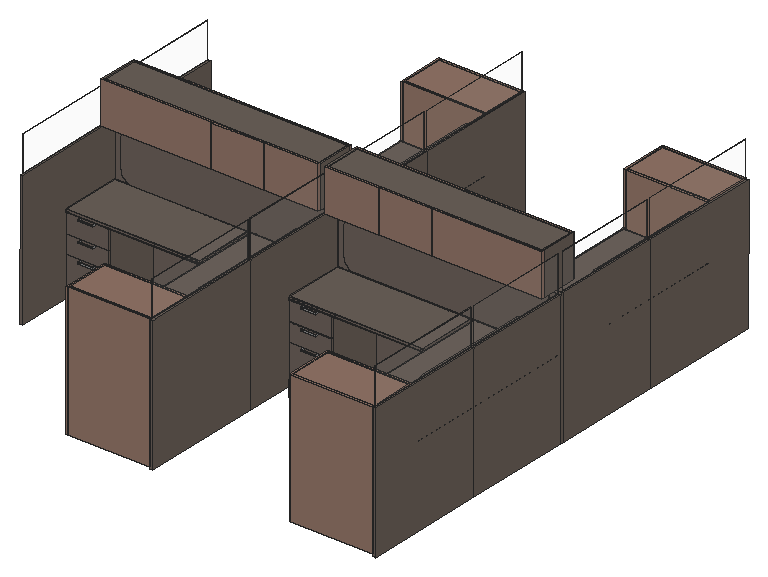
Revit family "OFS TYPICAL S200150", category Furniture, Revit 2022
Family settings
  OmniClass Number = 23.40.20.00
  OmniClass Title = General Furniture and Specialties
  Work Plane-Based = No
  Always vertical = Yes
  Cut with Voids When Loaded = No
  Render Appearance Source = Family Geometry
  Shared = No
  Room Calculation Point = No
Parameters (values of type "S200150")
  URL = "http://ofs.com/"
  Model = "S200150"
  Manufacturer = "OFS"
  Description = "OFS TYPICAL S200150"
  Default Elevation = 0' - 0"
  Copyright © = "©OFS 2024"
  Catalog = ""
  Authoring Version = "Autodesk Revit 2018"
  Assembly Code = "E2020200"
Reference planes (in)
  plane 1 "Center Front/Back": y = 0
  plane 2: z = 0
  plane 3 "Center Left/Right": x = 0
  plane 4 "Center L/S": x = 0
Dimensions and locks (in)
  nested 49 to nested 1 = 13' - 11"
  nested 9 to nested 40 = 13' - 5"
  aligned and locked: level to plane 2
Nested families (in)
  nested 1: "STAKS SLIDE OUT STORAGE TOWER Full Door" at (10.99965, -46.02289, 0) x (0, -1, 0) z (0, 0, 1), type "STAKS SLIDE OUT STORAGE TOWER 48H Left - Three Section Felt Pocket & Section Felt Pocket & 2 Stationary Shelf"
  nested 2: "STAKS SUPPORT BASE - PANEL - WALL PANEL" at (7, -2.62535, 0), type "STAKS SUPPORT WALL PANEL 28 X 12"
  nested 3: "STAKS 15H SHARED ORGANIZER WITH DOORS Two Doors Right" at (-35.55498, 7.95865, 1.5), type "STAKS 15H SHARED ORGANIZER WITH DOORS Two Doors Right 78in W"
    with Height Above Floor 5' - 2 1/2", 2D Symbol Lines yes
  nested 4: "OFS STAKS - Height Adjustable Leg Wall Panel - 6-HAWPB" at (31, -6.375, 0) x (0, -1, 0) z (0, 0, 1), type "6-HAWPB"
    with Material none
  nested 5: "STAKS BENCHING RECTANGULAR WORKSURFACES" at (-55.55498, 0.83365, 0), type "STAKS BENCHING RECTANGULAR WORKSURFACE 48 X 22"
  nested 6: "STAKS BENCHING RECTANGULAR WORKSURFACES" at (-0.83365, -74.55498, 0) x (0, 1, 0) z (0, 0, 1), type "STAKS BENCHING RECTANGULAR WORKSURFACE 66 X 30"
  nested 7: "STAKS WORKSURFACE HEIGHT PEDESTAL - BOX-BOX-FILE - NO RISER SUPPORT" at (-61.16461, -23.62535, 0), type "STAKS WORKSURFACE HEIGHT PEDESTAL - BOX-BOX-FILE - NO RISER SUPPORT 19in D"
  nested 8: "STAKS SPINE OR DIVIDER WALL 48in" at (29.16635, -47.55498, 0) x (0, 1, 0) z (0, 0, 1), type "STAKS SPINE OR DIVIDER WALL 48in X 39in"
    with Height Above Floor 4' - 0"
  nested 9: "STAKS SPINE OR DIVIDER WALL 48in" at (-50.83365, -49.55498, 0) x (0, 1, 0) z (0, 0, 1), type "STAKS SPINE OR DIVIDER WALL 48in X 42in"
    with Height Above Floor 4' - 0"
  nested 10: "STAKS DOUBLE SIDED FROSTED GLASS PRIVACY PANEL" at (-45.74965, -4.40625, 1.875) x (0, 1, 0) z (0, 0, 1), type "STAKS DOUBLE SIDED FROSTED GLASS PRIVACY PANEL 41 x 13"
  nested 11: "STAKS FABRIC TACKBOARD WITH ROUNDED CORNERS FOR SPINE OR DIVIDER WALL" at (27.91635, -71.05498, 5.875) x (0, 1, 0) z (0, 0, 1), type "STAKS FABRIC TACKBOARD WITH ROUNDED CORNERS FOR SPINE OR DIVIDER WALL 18H x 49-73.9375W"
    with Height Above Floor 3' - 5 1/2"
  nested 12: "STAKS FABRIC TACKBOARD WITH ROUNDED CORNERS FOR SPINE OR DIVIDER WALL" at (-52.80498, 0.83365, 5.875), type "STAKS FABRIC TACKBOARD WITH ROUNDED CORNERS FOR SPINE OR DIVIDER WALL 18H x 74-96W"
    with Height Above Floor 3' - 5 1/2"
  nested 13: "STAKS CENTER ELECTRIC ADJUSTABLE HEIGHT BASE Rectangular" at (16.87465, -23.5, 0) x (0, -1, 0) z (0, 0, 1), type "STAKS CENTER ELECTRIC ADJUSTABLE HEIGHT BASE 24in Rectangular"
    with Height 2' - 3 7/8"
  nested 14: "STAKS BENCHING CANTILEVER WORKSURFACE BRACKET - OPEN" at (-4.75, -3.87535, 0), type "CANTILEVER WORKSURFACE BRACKET - OPEN 22in"
  nested 15: "STAKS BENCHING PRESS FIT BRACKET" at (-33.06215, 16.00781, 21) x (0, 1, 0) z (0, 0, 1), type "STAKS BENCHING PRESS FIT BRACKET"
  nested 16: "STAKS SPINE OR DIVIDER WALL 48in" at (39.55498, 1.83365, 0) x (-1, 0, 0) z (0, 0, 1), type "STAKS SPINE OR DIVIDER WALL 48in X 40in"
    with Height Above Floor 4' - 0"
  nested 17: "STAKS SPINE OR DIVIDER WALL 48in" at (-55.55498, 1.83365, 0), type "STAKS SPINE OR DIVIDER WALL 48in X 40in"
    with Height Above Floor 4' - 0"
  nested 18: "STAKS SPINE OR DIVIDER WALL 48in" at (29.16635, -32.44502, 0) x (0, -1, 0) z (0, 0, 1), type "STAKS SPINE OR DIVIDER WALL 48in X 44in"
    with Height Above Floor 4' - 0"
  nested 19: "STAKS CORNER SHELF FOR WALL PANEL" at (26.40381, -5.59619, -8.875) x (0.7071, -0.7071, 0) z (0, 0, 1), type "STAKS CORNER SHELF FOR WALL PANEL"
    with Height Above Floor 2' - 5"
  nested 20: "OFS STAKS - Height Adjustable Leg Wall Panel - 6-HAWPB" at (31, -62.125, 0) x (0, 1, 0) z (0, 0, 1), type "6-HAWPB"
    with Material none
  nested 21: "STAKS CENTER ELECTRIC ADJUSTABLE HEIGHT BASE Rectangular" at (16.87465, -45, 0) x (0, 1, 0) z (0, 0, 1), type "STAKS CENTER ELECTRIC ADJUSTABLE HEIGHT BASE 24in Rectangular"
    with Height 2' - 3 7/8"
  nested 22: "STAKS BENCHING PRESS FIT BRACKET" at (-11.81285, 16.00781, 21) x (0, 1, 0) z (0, 0, 1), type "STAKS BENCHING PRESS FIT BRACKET"
  nested 23: "STAKS BENCHING PRESS FIT BRACKET" at (25.18785, 16.00781, 21) x (0, 1, 0) z (0, 0, 1), type "STAKS BENCHING PRESS FIT BRACKET"
  nested 24: "STAKS DOUBLE SIDED FROSTED GLASS PRIVACY PANEL" at (34.25035, -45.5, 1.875) x (0, 1, 0) z (0, 0, 1), type "STAKS DOUBLE SIDED FROSTED GLASS PRIVACY PANEL 43 x 13"
  nested 25: "STAKS DOUBLE SIDED FROSTED GLASS PRIVACY PANEL" at (34.25035, -36.9375, 1.875) x (0, -1, 0) z (0, 0, 1), type "STAKS DOUBLE SIDED FROSTED GLASS PRIVACY PANEL 38 x 13"
  nested 26: "STAKS SLIDE OUT STORAGE TOWER Full Door" at (90.99965, -46.02289, 0) x (0, -1, 0) z (0, 0, 1), type "STAKS SLIDE OUT STORAGE TOWER 48H Left - Three Section Felt Pocket & Section Felt Pocket & 2 Stationary Shelf"
  nested 27: "STAKS SUPPORT BASE - PANEL - WALL PANEL" at (87, -2.62535, 0), type "STAKS SUPPORT WALL PANEL 28 X 12"
  nested 28: "OFS STAKS - Height Adjustable Leg Wall Panel - 6-HAWPB" at (111, -6.375, 0) x (0, -1, 0) z (0, 0, 1), type "6-HAWPB"
    with Material none
  nested 29: "STAKS BENCHING RECTANGULAR WORKSURFACES" at (24.44502, 0.83365, 0), type "STAKS BENCHING RECTANGULAR WORKSURFACE 48 X 22"
  nested 30: "STAKS BENCHING RECTANGULAR WORKSURFACES" at (79.16635, -74.55498, 0) x (0, 1, 0) z (0, 0, 1), type "STAKS BENCHING RECTANGULAR WORKSURFACE 66 X 30"
  nested 31: "STAKS WORKSURFACE HEIGHT PEDESTAL - BOX-BOX-FILE - NO RISER SUPPORT" at (18.83539, -23.62535, 0), type "STAKS WORKSURFACE HEIGHT PEDESTAL - BOX-BOX-FILE - NO RISER SUPPORT 19in D"
  nested 32: "STAKS SPINE OR DIVIDER WALL 48in" at (109.16635, -47.55498, 0) x (0, 1, 0) z (0, 0, 1), type "STAKS SPINE OR DIVIDER WALL 48in X 39in"
    with Height Above Floor 4' - 0"
  nested 33: "STAKS FABRIC TACKBOARD WITH ROUNDED CORNERS FOR SPINE OR DIVIDER WALL" at (107.91635, -71.05498, 5.875) x (0, 1, 0) z (0, 0, 1), type "STAKS FABRIC TACKBOARD WITH ROUNDED CORNERS FOR SPINE OR DIVIDER WALL 18H x 49-73.9375W"
    with Height Above Floor 3' - 5 1/2"
  nested 34: "STAKS FABRIC TACKBOARD WITH ROUNDED CORNERS FOR SPINE OR DIVIDER WALL" at (27.19502, 0.83365, 5.875), type "STAKS FABRIC TACKBOARD WITH ROUNDED CORNERS FOR SPINE OR DIVIDER WALL 18H x 74-96W"
    with Height Above Floor 3' - 5 1/2"
  nested 35: "STAKS CENTER ELECTRIC ADJUSTABLE HEIGHT BASE Rectangular" at (96.87465, -23.5, 0) x (0, -1, 0) z (0, 0, 1), type "STAKS CENTER ELECTRIC ADJUSTABLE HEIGHT BASE 24in Rectangular"
    with Height 2' - 3 7/8"
  nested 36: "STAKS BENCHING CANTILEVER WORKSURFACE BRACKET - OPEN" at (75.25, -3.87535, 0), type "CANTILEVER WORKSURFACE BRACKET - OPEN 22in"
  nested 37: "STAKS BENCHING PRESS FIT BRACKET" at (46.93785, 16.00781, 21) x (0, 1, 0) z (0, 0, 1), type "STAKS BENCHING PRESS FIT BRACKET"
  nested 38: "STAKS SPINE OR DIVIDER WALL 48in" at (119.55498, 1.83365, 0) x (-1, 0, 0) z (0, 0, 1), type "STAKS SPINE OR DIVIDER WALL 48in X 40in"
    with Height Above Floor 4' - 0"
  nested 39: "STAKS SPINE OR DIVIDER WALL 48in" at (24.44502, 1.83365, 0), type "STAKS SPINE OR DIVIDER WALL 48in X 40in"
    with Height Above Floor 4' - 0"
  nested 40: "STAKS SPINE OR DIVIDER WALL 48in" at (109.16635, -32.44502, 0) x (0, -1, 0) z (0, 0, 1), type "STAKS SPINE OR DIVIDER WALL 48in X 44in"
    with Height Above Floor 4' - 0"
  nested 41: "STAKS CORNER SHELF FOR WALL PANEL" at (106.40381, -5.59619, -8.875) x (0.7071, -0.7071, 0) z (0, 0, 1), type "STAKS CORNER SHELF FOR WALL PANEL"
    with Height Above Floor 2' - 5"
  nested 42: "OFS STAKS - Height Adjustable Leg Wall Panel - 6-HAWPB" at (111, -62.125, 0) x (0, 1, 0) z (0, 0, 1), type "6-HAWPB"
    with Material none
  nested 43: "STAKS CENTER ELECTRIC ADJUSTABLE HEIGHT BASE Rectangular" at (96.87465, -45, 0) x (0, 1, 0) z (0, 0, 1), type "STAKS CENTER ELECTRIC ADJUSTABLE HEIGHT BASE 24in Rectangular"
    with Height 2' - 3 7/8"
  nested 44: "STAKS BENCHING PRESS FIT BRACKET" at (68.18715, 16.00781, 21) x (0, 1, 0) z (0, 0, 1), type "STAKS BENCHING PRESS FIT BRACKET"
  nested 45: "STAKS BENCHING PRESS FIT BRACKET" at (105.18785, 16.00781, 21) x (0, 1, 0) z (0, 0, 1), type "STAKS BENCHING PRESS FIT BRACKET"
  nested 46: "STAKS DOUBLE SIDED FROSTED GLASS PRIVACY PANEL" at (114.25035, -45.5, 1.875) x (0, 1, 0) z (0, 0, 1), type "STAKS DOUBLE SIDED FROSTED GLASS PRIVACY PANEL 43 x 13"
  nested 47: "STAKS DOUBLE SIDED FROSTED GLASS PRIVACY PANEL" at (114.25035, -36.9375, 1.875) x (0, -1, 0) z (0, 0, 1), type "STAKS DOUBLE SIDED FROSTED GLASS PRIVACY PANEL 38 x 13"
  nested 48: "STAKS 15H SHARED ORGANIZER WITH DOORS Two Doors Right" at (98.55498, 7.95865, 1.5) x (-1, 0, 0) z (0, 0, 1), type "STAKS 15H SHARED ORGANIZER WITH DOORS Two Doors Right 78in W"
    with Height Above Floor 5' - 2 1/2", 2D Symbol Lines yes
  nested 49: "STAKS SLIDE OUT STORAGE TOWER Full Door" at (10.99965, 45.02289, 0) x (0, 1, 0) z (0, 0, 1), type "STAKS SLIDE OUT STORAGE TOWER 48H Left - Three Section Felt Pocket & Section Felt Pocket & 2 Stationary Shelf"
  nested 50: "STAKS SUPPORT BASE - PANEL - WALL PANEL" at (7, 1.62535, 0), type "STAKS SUPPORT WALL PANEL 28 X 12"
  nested 51: "OFS STAKS - Height Adjustable Leg Wall Panel - 6-HAWPB" at (31, 5.375, 0) x (0, 1, 0) z (0, 0, 1), type "6-HAWPB"
    with Material none
  nested 52: "STAKS BENCHING RECTANGULAR WORKSURFACES" at (-55.55498, -1.83365, 0), type "STAKS BENCHING RECTANGULAR WORKSURFACE 48 X 22"
  nested 53: "STAKS BENCHING RECTANGULAR WORKSURFACES" at (-0.83365, 73.55498, 0) x (0, -1, 0) z (0, 0, 1), type "STAKS BENCHING RECTANGULAR WORKSURFACE 66 X 30"
  nested 54: "STAKS WORKSURFACE HEIGHT PEDESTAL - BOX-BOX-FILE - NO RISER SUPPORT" at (-61.16461, 22.62535, 0), type "STAKS WORKSURFACE HEIGHT PEDESTAL - BOX-BOX-FILE - NO RISER SUPPORT 19in D"
  nested 55: "STAKS SPINE OR DIVIDER WALL 48in" at (29.16635, 46.55498, 0) x (0, -1, 0) z (0, 0, 1), type "STAKS SPINE OR DIVIDER WALL 48in X 39in"
    with Height Above Floor 4' - 0"
  nested 56: "STAKS FABRIC TACKBOARD WITH ROUNDED CORNERS FOR SPINE OR DIVIDER WALL" at (27.91635, 70.05498, 5.875) x (0, -1, 0) z (0, 0, 1), type "STAKS FABRIC TACKBOARD WITH ROUNDED CORNERS FOR SPINE OR DIVIDER WALL 18H x 49-73.9375W"
    with Height Above Floor 3' - 5 1/2"
  nested 57: "STAKS CENTER ELECTRIC ADJUSTABLE HEIGHT BASE Rectangular" at (16.87465, 22.5, 0) x (0, 1, 0) z (0, 0, 1), type "STAKS CENTER ELECTRIC ADJUSTABLE HEIGHT BASE 24in Rectangular"
    with Height 2' - 3 7/8"
  nested 58: "STAKS BENCHING CANTILEVER WORKSURFACE BRACKET - OPEN" at (-4.75, 2.87535, 0), type "CANTILEVER WORKSURFACE BRACKET - OPEN 22in"
  nested 59: "STAKS SPINE OR DIVIDER WALL 48in" at (29.16635, 31.44502, 0) x (0, 1, 0) z (0, 0, 1), type "STAKS SPINE OR DIVIDER WALL 48in X 44in"
    with Height Above Floor 4' - 0"
  nested 60: "STAKS CORNER SHELF FOR WALL PANEL" at (26.40381, 4.59619, -8.875) x (0.7071, 0.7071, 0) z (0, 0, 1), type "STAKS CORNER SHELF FOR WALL PANEL"
    with Height Above Floor 2' - 5"
  nested 61: "OFS STAKS - Height Adjustable Leg Wall Panel - 6-HAWPB" at (31, 61.125, 0) x (0, -1, 0) z (0, 0, 1), type "6-HAWPB"
    with Material none
  nested 62: "STAKS CENTER ELECTRIC ADJUSTABLE HEIGHT BASE Rectangular" at (16.87465, 44, 0) x (0, -1, 0) z (0, 0, 1), type "STAKS CENTER ELECTRIC ADJUSTABLE HEIGHT BASE 24in Rectangular"
    with Height 2' - 3 7/8"
  nested 63: "STAKS DOUBLE SIDED FROSTED GLASS PRIVACY PANEL" at (34.25035, 44.5, 1.875) x (0, -1, 0) z (0, 0, 1), type "STAKS DOUBLE SIDED FROSTED GLASS PRIVACY PANEL 43 x 13"
  nested 64: "STAKS DOUBLE SIDED FROSTED GLASS PRIVACY PANEL" at (34.25035, 35.9375, 1.875) x (0, 1, 0) z (0, 0, 1), type "STAKS DOUBLE SIDED FROSTED GLASS PRIVACY PANEL 38 x 13"
  nested 65: "STAKS SLIDE OUT STORAGE TOWER Full Door" at (90.99965, 45.02289, 0) x (0, 1, 0) z (0, 0, 1), type "STAKS SLIDE OUT STORAGE TOWER 48H Left - Three Section Felt Pocket & Section Felt Pocket & 2 Stationary Shelf"
  nested 66: "STAKS SUPPORT BASE - PANEL - WALL PANEL" at (87, 1.62535, 0), type "STAKS SUPPORT WALL PANEL 28 X 12"
  nested 67: "OFS STAKS - Height Adjustable Leg Wall Panel - 6-HAWPB" at (111, 5.375, 0) x (0, 1, 0) z (0, 0, 1), type "6-HAWPB"
    with Material none
  nested 68: "STAKS BENCHING RECTANGULAR WORKSURFACES" at (24.44502, -1.83365, 0), type "STAKS BENCHING RECTANGULAR WORKSURFACE 48 X 22"
  nested 69: "STAKS BENCHING RECTANGULAR WORKSURFACES" at (79.16635, 73.55498, 0) x (0, -1, 0) z (0, 0, 1), type "STAKS BENCHING RECTANGULAR WORKSURFACE 66 X 30"
  nested 70: "STAKS WORKSURFACE HEIGHT PEDESTAL - BOX-BOX-FILE - NO RISER SUPPORT" at (18.83539, 22.62535, 0), type "STAKS WORKSURFACE HEIGHT PEDESTAL - BOX-BOX-FILE - NO RISER SUPPORT 19in D"
  nested 71: "STAKS SPINE OR DIVIDER WALL 48in" at (109.16635, 46.55498, 0) x (0, -1, 0) z (0, 0, 1), type "STAKS SPINE OR DIVIDER WALL 48in X 39in"
    with Height Above Floor 4' - 0"
  nested 72: "STAKS FABRIC TACKBOARD WITH ROUNDED CORNERS FOR SPINE OR DIVIDER WALL" at (107.91635, 70.05498, 5.875) x (0, -1, 0) z (0, 0, 1), type "STAKS FABRIC TACKBOARD WITH ROUNDED CORNERS FOR SPINE OR DIVIDER WALL 18H x 49-73.9375W"
    with Height Above Floor 3' - 5 1/2"
  nested 73: "STAKS CENTER ELECTRIC ADJUSTABLE HEIGHT BASE Rectangular" at (96.87465, 22.5, 0) x (0, 1, 0) z (0, 0, 1), type "STAKS CENTER ELECTRIC ADJUSTABLE HEIGHT BASE 24in Rectangular"
    with Height 2' - 3 7/8"
  nested 74: "STAKS BENCHING CANTILEVER WORKSURFACE BRACKET - OPEN" at (75.25, 2.87535, 0), type "CANTILEVER WORKSURFACE BRACKET - OPEN 22in"
  nested 75: "STAKS SPINE OR DIVIDER WALL 48in" at (109.16635, 31.44502, 0) x (0, 1, 0) z (0, 0, 1), type "STAKS SPINE OR DIVIDER WALL 48in X 44in"
    with Height Above Floor 4' - 0"
  nested 76: "STAKS CORNER SHELF FOR WALL PANEL" at (106.40381, 4.59619, -8.875) x (0.7071, 0.7071, 0) z (0, 0, 1), type "STAKS CORNER SHELF FOR WALL PANEL"
    with Height Above Floor 2' - 5"
  nested 77: "OFS STAKS - Height Adjustable Leg Wall Panel - 6-HAWPB" at (111, 61.125, 0) x (0, -1, 0) z (0, 0, 1), type "6-HAWPB"
    with Material none
  nested 78: "STAKS CENTER ELECTRIC ADJUSTABLE HEIGHT BASE Rectangular" at (96.87465, 44, 0) x (0, -1, 0) z (0, 0, 1), type "STAKS CENTER ELECTRIC ADJUSTABLE HEIGHT BASE 24in Rectangular"
    with Height 2' - 3 7/8"
  nested 79: "STAKS DOUBLE SIDED FROSTED GLASS PRIVACY PANEL" at (114.25035, 44.5, 1.875) x (0, -1, 0) z (0, 0, 1), type "STAKS DOUBLE SIDED FROSTED GLASS PRIVACY PANEL 43 x 13"
  nested 80: "STAKS DOUBLE SIDED FROSTED GLASS PRIVACY PANEL" at (114.25035, 35.9375, 1.875) x (0, 1, 0) z (0, 0, 1), type "STAKS DOUBLE SIDED FROSTED GLASS PRIVACY PANEL 38 x 13"
  nested 81: "STAKS SPINE OR DIVIDER WALL 48in" at (-50.83365, 49.55498, 0) x (0, -1, 0) z (0, 0, 1), type "STAKS SPINE OR DIVIDER WALL 48in X 42in"
    with Height Above Floor 4' - 0"
  nested 82: "STAKS DOUBLE SIDED FROSTED GLASS PRIVACY PANEL" at (-45.74965, 4.40625, 1.875) x (0, -1, 0) z (0, 0, 1), type "STAKS DOUBLE SIDED FROSTED GLASS PRIVACY PANEL 41 x 13"
Definition of nested family "STAKS SLIDE OUT STORAGE TOWER Full Door"
  Parameters (values of type "STAKS SLIDE OUT STORAGE TOWER 42H Right - Three Section Felt Pocket & Section Felt Pocket & Stationary Shelf")
    URL = "http://www.ofs.com/"
    Right = yes
    Model = "6-1742SOSR1"
    Manufacturer = "OFS"
    Left = no
    Height = 3' - 6"
    Door Material = none
    Door Handle Material = none
    Description = "OFS STAKS SLIDE OUT STORAGE TOWER 42in Height, Right Aligned, Three Section Felt Pocket& Section Felt Pocket & Stationary Shelf"
    Width = 1' - 5"
    Depth = 2' - 6"
    Default Elevation = 0' - 0"
    Copyright © = "© 2018 OFS"
    Chasis Material = none
    Catalog = "https://ofs.com/products/casegoods/private-office/staks"
    Board Width = 0' - 0 3/4"
    Authoring Version = "Autodesk Revit Architecture 2013"
    Assembly Code = "E2020200"
  Types (12): name | Right | Model | Left | Height | Description
    STAKS SLIDE OUT STORAGE TOWER 42H Left - Three Section Felt Pocket & Section Felt Pocket & Stationary Shelf | no | "6-1742SOSL1" | yes | 3' - 6" | "OFS STAKS SLIDE OUT STORAGE TOWER 42in Height, Left Aligned, Three Section Felt Pocket& Section Felt Pocket & Stationary Shelf"
    STAKS SLIDE OUT STORAGE TOWER 42H Right - Three Section Felt Pocket & Section Felt Pocket & Stationary Shelf | yes | "6-1742SOSR1" | no | 3' - 6" | "OFS STAKS SLIDE OUT STORAGE TOWER 42in Height, Right Aligned, Three Section Felt Pocket& Section Felt Pocket & Stationary Shelf"
    STAKS SLIDE OUT STORAGE TOWER 48H Right - Three Section Felt Pocket & Section Felt Pocket & 2 Stationary Shelf | yes | "6-1748SOSR1" | no | 4' - 0" | "OFS STAKS SLIDE OUT STORAGE TOWER 48in Height, Right Aligned, Three Section Felt Pocket& Section Felt Pocket & 2 Stationary Shelf"
    STAKS SLIDE OUT STORAGE TOWER 48H Left - Three Section Felt Pocket & Section Felt Pocket & 2 Stationary Shelf | no | "6-1748SOSL1" | yes | 4' - 0" | "OFS STAKS SLIDE OUT STORAGE TOWER 48in Height, Left Aligned, Three Section Felt Pocket& Section Felt Pocket & 2 Stationary Shelf"
    STAKS SLIDE OUT STORAGE TOWER 42H Left - Box Drawer & 2 Stationary Shelf | no | "6-1742SOSL2" | yes | 3' - 6" | "OFS STAKS SLIDE OUT STORAGE TOWER 42in Height, Left Aligned, Box Drawer & 2 Stationary Shelf"
    STAKS SLIDE OUT STORAGE TOWER 42H Right - Box Drawer & 2 Stationary Shelf | yes | "6-1742SOSR2" | no | 3' - 6" | "OFS STAKS SLIDE OUT STORAGE TOWER 42in Height, Right Aligned, Box Drawer & 2 Stationary Shelf"
    STAKS SLIDE OUT STORAGE TOWER 48H Left - Box Drawer & 3 Stationary Shelf | no | "6-1748SOSL2" | yes | 4' - 0" | "OFS STAKS SLIDE OUT STORAGE TOWER 48in Height, Left Aligned, Box Drawer & 3 Stationary Shelf"
    STAKS SLIDE OUT STORAGE TOWER 48H Right - Box Drawer & 3 Stationary Shelf | yes | "6-1748SOSR2" | no | 4' - 0" | "OFS STAKS SLIDE OUT STORAGE TOWER 48in Height, Left Aligned, Box Drawer & 3 Stationary Shelf"
    STAKS SLIDE OUT STORAGE TOWER 42H Left - 2 Stationary Shelf | no | "6-1742SOSL3" | yes | 3' - 6" | "OFS STAKS SLIDE OUT STORAGE TOWER 42in Height, Left Aligned, 2 Stationary Shelf"
    STAKS SLIDE OUT STORAGE TOWER 48H Left - 3 Stationary Shelf | no | "6-1748SOSL3" | yes | 4' - 0" | "OFS STAKS SLIDE OUT STORAGE TOWER 48in Height, Left Aligned, 3 Stationary Shelf"
    STAKS SLIDE OUT STORAGE TOWER 42H Right - 2 Stationary Shelf | yes | "6-1742SOSR3" | no | 3' - 6" | "OFS STAKS SLIDE OUT STORAGE TOWER 42in Height, Right Aligned, 2 Stationary Shelf"
    STAKS SLIDE OUT STORAGE TOWER 48H Right - 3 Stationary Shelf | yes | "6-1748SOSR3" | no | 3' - 6" | "OFS STAKS SLIDE OUT STORAGE TOWER 48in Height, Right Aligned, 3 Stationary Shelf"
  Reference planes (in)
    plane 1: z = 0
    plane 2 "Right": x = 20.97711
    plane 3 "PEDESTAL TOP": z = 41.25
    plane 4: z = 1.25
    plane 5: z = 0.5
    plane 6: z = 42
    plane 7: x = 37.97711
    plane 8: y = -9.24965
    plane 9: y = -9.99965
    plane 10: x = 21.72711
    plane 11: x = 37.22711
    plane 12: y = 20.00035
    plane 13: y = 5.00035
    plane 14: x = 29.47711
    plane 15: y = 19.25035
    plane 16: z = 41.875
    plane 17: z = 0.625
    plane 18: x = 21.03961
    plane 19: x = 37.91461
    plane 20: z = 3.57087
    plane 21: z = 2.82087
    plane 22: y = -4.24965
    plane 23: z = 39.07406
    plane 24: z = 38.69906
    plane 25: z = 34.01156
    plane 26: z = 33.63656
    plane 27: y = -10.99965
    plane 28: y = -10.74965
    plane 29: x = 36.41461
    plane 30: x = 36.91461
    plane 31: x = 22.53961
    plane 32: x = 22.03961
  Forms (in)
    Extrusion 1, solid, material <- "Door Material"
      sketch origin (65.97711, 5, -13.1802) x (0, 1, 0) y (0, 0, -1)
        loop
          line (-14.99965, -55.0552) -> (-14.24965, -55.0552) -> (-14.24965, -13.8052) -> (-14.99965, -13.8052) -> (-14.99965, -55.0552)
      from 28.0625 to 44.9375
    Extrusion 2, solid, material <- "Chasis Material"
      sketch origin (44.95422, -1.24965, 0) x (-1, 0, 0) y (0, 0, -1)
        loop
          line (6.97711, -0.5) -> (6.97711, -42) -> (7.72711, -42) -> (7.72711, -0.5) -> (6.97711, -0.5)
      from -21.25 to 8
    Extrusion 3, solid, material <- "Chasis Material"
      sketch origin (31.20422, -1.24965, 0) x (-1, 0, 0) y (0, 0, -1)
        loop
          line (9.47711, -0.5) -> (9.47711, -42) -> (10.22711, -42) -> (10.22711, -0.5) -> (9.47711, -0.5)
      from -21.25 to 8
    Extrusion 4, solid, material <- "Chasis Material"
      sketch origin (22.60211, 31.02324, 0) x (0, 1, 0) y (0, 0, -1)
        loop
          line (-11.77289, -0.5) -> (-11.77289, -41.25) -> (-11.02289, -41.25) -> (-11.02289, -0.5) -> (-11.77289, -0.5)
      from -14.625 to 0.875
    Extrusion 5, solid, material <- "Chasis Material"
      sketch origin (84.51466, 23.31058, 11.25) x (1, 0, 0) y (0, 1, 0)
        loop
          line (-47.28755, -3.31023) -> (-62.78755, -3.31023) -> (-62.78755, -32.56023) -> (-47.28755, -32.56023) -> (-47.28755, -3.31023)
      from 30.75 to 30
    Extrusion 6, solid, material <- "Chasis Material"
      sketch origin (41.95422, 10.87535, -22.67913) x (-1, 0, 0) y (0, 0, -1)
        loop
          line (4.72711, -26.25) -> (20.22711, -26.25) -> (20.22711, -25.5) -> (4.72711, -25.5) -> (4.72711, -26.25)
      from -8.375 to 15.125
    Extrusion 7, solid, material <- "Door Handle Material", visible <- "Left"
      sketch origin (-12.02289, 0, 0) x (0, 1, 0) y (0, 0, 1)
        loop
          line (-10.99965, 33.63656) -> (-9.99965, 33.63656) -> (-9.99965, 34.01156) -> (-10.74965, 34.01156) -> (-10.74965, 38.69906) -> (-9.99965, 38.69906) -> (-9.99965, 39.07406) -> (-10.99965, 39.07406) -> (-10.99965, 33.63656)
      from 48.4375 to 48.9375
    Extrusion 8, solid, material <- "Door Handle Material", visible <- "Right"
      sketch origin (70.97711, 0, 0) x (0, 1, 0) y (0, 0, -1)
        loop
          line (-10.99965, -33.63656) -> (-10.99965, -39.07406) -> (-9.99965, -39.07406) -> (-9.99965, -38.69906) -> (-10.74965, -38.69906) -> (-10.74965, -34.01156) -> (-9.99965, -34.01156) -> (-9.99965, -33.63656) -> (-10.99965, -33.63656)
      from 48.4375 to 48.9375
  Dimensions and locks (in)
    "Board Width": plane 9 to plane 8
    "Width": plane 7 to plane 2 "Right"
    "Board Width": plane 7 to plane 11
    "Board Width": plane 15 to plane 12
    "Board Width": plane 2 "Right" to plane 10
    equal spacing: plane 2 "Right", plane 14, plane 7
    "Depth": plane 9 to plane 12
    "Board Width": plane 6 to plane 3 "PEDESTAL TOP"
    "Board Width": plane 4 to plane 5
    "Height": plane 6 to level
    equal spacing: plane 9, plane 13, plane 12
    locked: plane 6 to plane 16 at 0.125
    locked: plane 17 to plane 5 at 0.125
    locked: plane 18 to plane 2 "Right" at 0.0625
    locked: plane 19 to plane 7 at 0.0625
    locked: plane 5 to plane 1 at 0.5
    locked: plane 21 to plane 4 at 1.57087
    "Board Width": plane 20 to plane 21
    locked: plane 8 to plane 22 at 5
    plane 29 to plane 30 to plane 7 = 0' - 0 1/2" locked, 0' - 1 1/16" locked
    plane 6 to plane 23 to plane 24 to plane 25 to plane 26 = 0' - 2.92594" locked, 0' - 0 3/8" locked, 0' - 4 11/16" locked, 0' - 0 3/8" locked
    plane 9 to plane 28 to plane 27 = 0' - 0 3/4" locked, 0' - 0 1/4" locked
    plane 31 to plane 32 to plane 2 "Right" = 0' - 0 1/2" locked, 0' - 1 1/16" locked
    aligned and locked: level to plane 1
    aligned and locked: plane 12 to Extrusion 3
    aligned and locked: Extrusion 3 to plane 8
    aligned and locked: Extrusion 2 to plane 8
    aligned and locked: plane 12 to Extrusion 2
    aligned and locked: plane 11 to Extrusion 4
    aligned and locked: Extrusion 4 to plane 10
    aligned and locked: plane 10 to Extrusion 3
    aligned and locked: plane 2 "Right" to Extrusion 3
    aligned and locked: Extrusion 2 to plane 11
    aligned and locked: plane 7 to Extrusion 2
    aligned and locked: plane 12 to Extrusion 4
    aligned and locked: plane 8 to Extrusion 1 sketch curve
    aligned and locked: Extrusion 1 sketch curve to plane 9
    aligned and locked: plane 6 to Extrusion 5
    aligned and locked: Extrusion 5 to plane 3 "PEDESTAL TOP"
    aligned and locked: Extrusion 5 to plane 12
    aligned and locked: plane 10 to Extrusion 5
    aligned and locked: Extrusion 5 to plane 11
    aligned and locked: plane 6 to Extrusion 2
    aligned and locked: plane 6 to Extrusion 3
    aligned and locked: plane 8 to Extrusion 5
    aligned and locked: plane 15 to Extrusion 4
    aligned and locked: plane 16 to Extrusion 1
    aligned and locked: Extrusion 1 to plane 17
    aligned and locked: Extrusion 1 to plane 19
    aligned and locked: Extrusion 1 to plane 18
    aligned and locked: plane 10 to Extrusion 6
    aligned and locked: Extrusion 6 to plane 11
    aligned and locked: plane 20 to Extrusion 6
    aligned and locked: Extrusion 6 to plane 21
    aligned and locked: Extrusion 6 to plane 15
    aligned and locked: plane 22 to Extrusion 6
    aligned and locked: plane 27 to Extrusion 7 sketch curve
    aligned and locked: plane 23 to Extrusion 7 sketch curve
    aligned and locked: plane 26 to Extrusion 7 sketch curve
    aligned and locked: Extrusion 7 sketch curve to plane 9
    aligned and locked: plane 25 to Extrusion 7 sketch curve
    aligned and locked: plane 28 to Extrusion 7 sketch curve
    aligned and locked: plane 24 to Extrusion 7 sketch curve
    aligned and locked: Extrusion 7 to plane 30
    aligned and locked: plane 29 to Extrusion 7
    aligned and locked: plane 32 to Extrusion 8  (x2)
    aligned and locked: Extrusion 8 to plane 31  (x2)
    aligned and locked: plane 28 to Extrusion 8
    aligned and locked: Extrusion 8 to plane 27
    aligned and locked: plane 23 to Extrusion 8
    aligned and locked: Extrusion 8 to plane 24
    aligned and locked: plane 25 to Extrusion 8
    aligned and locked: Extrusion 8 to plane 26
    aligned and locked: Extrusion 8 to plane 9  (x2)
  Automatic sketch dimensions
    Extrusion 7 sketch curve to plane 9 = 0' - 0"
    Extrusion 8 sketch curve to plane 23 = 0' - 0"
    Extrusion 8 sketch curve to plane 27 = 0' - 0"
    Extrusion 8 sketch curve to plane 25 = 0' - 0"
    Extrusion 8 sketch curve to plane 28 = 0' - 0"
    Extrusion 8 sketch curve to plane 9 = 0' - 0"  (x2)
    Extrusion 8 sketch curve to plane 24 = 0' - 0"
    Extrusion 8 sketch curve to plane 26 = 0' - 0"
    Extrusion 1 sketch curve to plane 17 = 0' - 0"
    Extrusion 1 sketch curve to plane 16 = 0' - 0"
    Extrusion 2 sketch curve to plane 5 = 0' - 0"
    plane 7 to Extrusion 2 sketch curve = 0' - 0"
    Extrusion 2 sketch curve to plane 6 = 0' - 0"
    plane 11 to Extrusion 2 sketch curve = 0' - 0"
    Extrusion 3 sketch curve to plane 5 = 0' - 0"
    plane 10 to Extrusion 3 sketch curve = 0' - 0"
    Extrusion 3 sketch curve to plane 2 "Right" = 0' - 0"
    Extrusion 3 sketch curve to plane 6 = 0' - 0"
    Extrusion 4 sketch curve to plane 5 = 0' - 0"
    Extrusion 4 sketch curve to plane 15 = 0' - 0"
    Extrusion 4 sketch curve to plane 3 "PEDESTAL TOP" = 0' - 0"
    Extrusion 4 sketch curve to plane 12 = 0' - 0"
    Extrusion 5 sketch curve to plane 10 = 0' - 0"
    plane 8 to Extrusion 5 sketch curve = 0' - 0"
    Extrusion 5 sketch curve to plane 11 = 0' - 0"
    plane 12 to Extrusion 5 sketch curve = 0' - 0"
    plane 11 to Extrusion 6 sketch curve = 0' - 0"
    plane 10 to Extrusion 6 sketch curve = 0' - 0"
    Extrusion 6 sketch curve to plane 20 = 0' - 0"
    Extrusion 6 sketch curve to plane 21 = 0' - 0"
Definition of nested family "STAKS SUPPORT BASE - PANEL - WALL PANEL"
  Parameters (values of type "STAKS SUPPORT BASE 21 X 12")
    Width [instance] = 1' - 0"
    WALL SUPPORT = no
    URL = "http://www.ofs.com"
    SUPPORT PANEL = no
    SUPPORT BASE = yes
    Model = "6-2112SB"
    Manufacturer = "OFS"
    Height = 1' - 9 7/8"
    Description = "OFS STAKS SUPPORT BASE 21 X12, Base Supports 22\"D Worksurfaces"
    Depth = 1' - 0"
    Default Elevation = 0' - 0"
    Copyright © = "©OFS 2018"
    Catalog = "https://ofs.com/products/casegoods/private-office/staks"
    Authoring Version = "Autodesk Revit Architecture 2013"
    Assembly Code = "E2020200"
  Types (7): name | WALL SUPPORT | SUPPORT PANEL | SUPPORT BASE | Model | Height | Description | Depth
    STAKS SUPPORT PANEL 28 X 12 | no | yes | no | "6-2812SP" | 2' - 3 7/8" | "OFS STAKS SUPPORT PANEL 28 X 12, End Panel Supports 22\"D Worksurfaces" | 1' - 0"
    STAKS SUPPORT BASE 28 X 12 | no | no | yes | "6-2812SB" | 2' - 3 7/8" | "OFS STAKS SUPPORT BASE 28 X12, Base Supports 22\"D Worksurfaces" | 1' - 0"
    STAKS SUPPORT WALL PANEL 28 X 12 | yes | no | no | "6-2812SWPS" | 2' - 3 3/8" | "OFS STAKS SUPPORT WALL PANEL 28 X12, Provides Support for Worksurface in Conjunction with Cantilevers and Stabilizes Wall Panels" | 1' - 0"
    STAKS SUPPORT BASE 21 X 12 | no | no | yes | "6-2112SB" | 1' - 9 7/8" | "OFS STAKS SUPPORT BASE 21 X12, Base Supports 22\"D Worksurfaces" | 1' - 0"
    STAKS SUPPORT BASE 28 X 18 | no | no | yes | "6-2818SB" | 2' - 3 7/8" | "OFS STAKS SUPPORT BASE 28 X18, Base Supports 30\"D Worksurfaces" | 1' - 6"
    STAKS SUPPORT PANEL 21 X 12 | no | yes | no | "6-2112SP" | 1' - 9 7/8" | "OFS STAKS SUPPORT PANEL 21 X 12, End Panel Supports 22\"D Worksurfaces" | 1' - 0"
    STAKS SUPPORT PANEL 28 X 18 | no | yes | no | "6-2818SP" | 2' - 3 7/8" | "OFS STAKS SUPPORT PANEL 28 X 18, End Panel Supports 30\"D Worksurfaces" | 1' - 6"
  Reference planes (in)
    plane 1: z = 0
    plane 2 "Left": x = -12
    plane 3 "Back": y = 1.62535
    plane 4 "PANELL TOP": z = 21.875
    plane 5 "RIGHT": x = -11
    plane 6: y = -10.37465
    plane 7: y = 0.62535
    plane 8: x = -5.5
    plane 9: x = -17.5
  Forms (in)
    Extrusion 1, solid, visible <- "SUPPORT PANEL"
      sketch origin (-7.62535, -10.37465, -0.18015) x (1, 0, 0) y (0, 0, 1)
        loop
          line (-4.37465, 22.05515) -> (-4.37465, 0.18015) -> (-3.37465, 0.18015) -> (-3.37465, 22.05515) -> (-4.37465, 22.05515)
      from -12 to 0
    Extrusion 2, solid, visible <- "SUPPORT BASE"
      sketch origin (-5.5, 5, -0.18015) x (0, 1, 0) y (0, 0, 1)
        loop
          line (-4.37465, 22.05515) -> (-4.37465, 0.18015) -> (-3.37465, 0.18015) -> (-3.37465, 22.05515) -> (-4.37465, 22.05515)
      from -12 to 0
    Extrusion 3, solid, visible <- "SUPPORT BASE"
      sketch origin (3.37465, -10.37465, -0.18015) x (1, 0, 0) y (0, 0, 1)
        loop
          line (-15.37465, 22.05515) -> (-15.37465, 0.18015) -> (-14.37465, 0.18015) -> (-14.37465, 22.05515) -> (-15.37465, 22.05515)
      from -11 to 0
    Extrusion 4, solid, visible <- "WALL SUPPORT"
      sketch origin (-12, 0, 0) x (0, 1, 0) y (0, 0, 1)
        loop
          line (1.62535, 0) -> (1.62535, 20.375) -> (0.12535, 21.875) -> (-0.37465, 21.875) -> (-0.37465, 19.285) -> (-3.43765, 19.285) -> (-3.43765, 21.875) -> (-10.37465, 21.875) -> (-4.43765, 0) -> (1.62535, 0)
      from 0 to 1
  Lines and regions (in)
    Masking region 1, visible <- "SUPPORT PANEL"
      outline origin (-12.62535, -10.37465, 0) x (0, -1, 0) y (1, 0, 0)
        loop
          line (-12, 1.62535) -> (-12, 0.62535) -> (0, 0.62535) -> (0, 1.62535) -> (-12, 1.62535)
    Masking region 2, visible <- "SUPPORT BASE"
      outline origin (-5.5, 0, 0) x (1, 0, 0) y (0, 1, 0)
        loop
          line (-12, 1.62535) -> (-12, 0.62535) -> (0, 0.62535) -> (0, 1.62535) -> (-12, 1.62535)
    Masking region 3, visible <- "SUPPORT BASE"
      outline origin (-1.62535, -10.37465, 0) x (0, -1, 0) y (1, 0, 0)
        loop
          line (-11, -9.37465) -> (-11, -10.37465) -> (0, -10.37465) -> (0, -9.37465) -> (-11, -9.37465)
    Masking region 4, visible <- "WALL SUPPORT"
      outline origin (0, 0, 0) x (1, 0, 0) y (0, 1, 0)
        loop
          line (-11, 1.62535) -> (-12, 1.62535) -> (-12, -10.37465) -> (-11, -10.37465) -> (-11, 1.62535)
  Dimensions and locks (in)
    "Height": plane 4 "PANELL TOP" to plane 1
    locked: plane 2 "Left" to plane 5 "RIGHT" at 1
    "Depth": plane 6 to plane 3 "Back"
    locked: plane 7 to plane 3 "Back" at 1
    locked: plane 9 to plane 2 "Left" at 5.5
    locked: plane 5 "RIGHT" to plane 8 at 5.5
    "Width": plane 9 to plane 8
    aligned: Extrusion 1 to plane 2 "Left"
    aligned: Extrusion 1 to plane 1
    aligned and locked: level to plane 1
    aligned: Extrusion 1 to plane 4 "PANELL TOP"
    aligned: Extrusion 1 to plane 3 "Back"
    aligned and locked: plane 6 to Extrusion 1
    aligned and locked: plane 6 to Masking region 1
    aligned and locked: Extrusion 3 to plane 7
    aligned and locked: Masking region 3 to plane 7
    aligned and locked: plane 6 to Extrusion 3
    aligned and locked: plane 6 to Masking region 3
    aligned and locked: Extrusion 1 to plane 6  (x2)
    aligned and locked: plane 7 to Extrusion 2
    aligned and locked: plane 7 to Masking region 2
    aligned and locked: Masking region 2 to plane 3 "Back"
    aligned and locked: Extrusion 2 to plane 3 "Back"
    aligned and locked: Extrusion 1 to plane 3 "Back"
    aligned and locked: Masking region 1 to plane 3 "Back"
    aligned and locked: Extrusion 1 to plane 2 "Left"
    aligned and locked: plane 5 "RIGHT" to Extrusion 1
    aligned and locked: plane 8 to Masking region 2
    aligned and locked: plane 8 to Extrusion 2
    aligned and locked: Extrusion 2 to plane 9
    aligned and locked: Masking region 2 to plane 9
    aligned and locked: Extrusion 3 to plane 2 "Left"
    aligned and locked: plane 5 "RIGHT" to Extrusion 3
    aligned and locked: Masking region 3 to plane 2 "Left"
    aligned and locked: plane 5 "RIGHT" to Masking region 3
    aligned and locked: Extrusion 3 to plane 4 "PANELL TOP"
    aligned and locked: Extrusion 1 to plane 4 "PANELL TOP"
    aligned and locked: plane 4 "PANELL TOP" to Extrusion 2
    aligned and locked: plane 4 "PANELL TOP" to Extrusion 4 sketch curve
    aligned and locked: Extrusion 4 sketch curve to plane 4 "PANELL TOP"
    aligned and locked: Extrusion 4 sketch curve to plane 3 "Back"
    aligned and locked: Extrusion 4 sketch curve to plane 1
    aligned and locked: Extrusion 4 to plane 2 "Left"
    aligned and locked: plane 5 "RIGHT" to Extrusion 4
  Automatic sketch dimensions
    Extrusion 1 sketch curve to plane 2 "Left" = 0' - 0"
    Extrusion 1 sketch curve to level = 0' - 0"
    Extrusion 1 sketch curve to plane 5 "RIGHT" = 0' - 0"
    Extrusion 1 sketch curve to plane 4 "PANELL TOP" = 0' - 0"
    Masking region 1 sketch curve to plane 2 "Left" = 0' - 0"
    plane 3 "Back" to Masking region 1 sketch curve = 0' - 0"
    Masking region 1 sketch curve to plane 5 "RIGHT" = 0' - 0"
    plane 6 to Masking region 1 sketch curve = 0' - 0"
    Extrusion 2 sketch curve to plane 4 "PANELL TOP" = 0' - 0"
    Extrusion 2 sketch curve to plane 7 = 0' - 0"
    Extrusion 2 sketch curve to level = 0' - 0"
    Extrusion 2 sketch curve to plane 3 "Back" = 0' - 0"
    plane 7 to Masking region 2 sketch curve = 0' - 0"
    Masking region 2 sketch curve to plane 9 = 0' - 0"
    plane 3 "Back" to Masking region 2 sketch curve = 0' - 0"
    Masking region 2 sketch curve to plane 8 = 0' - 0"
    Extrusion 3 sketch curve to plane 2 "Left" = 0' - 0"
    Extrusion 3 sketch curve to level = 0' - 0"
    Extrusion 3 sketch curve to plane 5 "RIGHT" = 0' - 0"
    Extrusion 3 sketch curve to plane 4 "PANELL TOP" = 0' - 0"
    Masking region 3 sketch curve to plane 2 "Left" = 0' - 0"
    plane 7 to Masking region 3 sketch curve = 0' - 0"
    Masking region 3 sketch curve to plane 5 "RIGHT" = 0' - 0"
    plane 6 to Masking region 3 sketch curve = 0' - 0"
    Extrusion 4 sketch curve to plane 6 = 0' - 0"
    plane 7 to Extrusion 4 sketch curve = 0' - 1"
    Extrusion 4 sketch curve to plane 4 "PANELL TOP" = 0' - 2.59"
    plane 7 to Extrusion 4 sketch curve = 0' - 5.063"
    Extrusion 4 sketch curve to Extrusion 4 sketch curve = 0' - 3.063"
    Extrusion 4 sketch curve to Extrusion 4 sketch curve = 0' - 0 1/2"
    Extrusion 4 sketch curve to plane 4 "PANELL TOP" = 0' - 1 1/2"
    Masking region 4 sketch curve to plane 2 "Left" = 0' - 0"
    Masking region 4 sketch curve to plane 5 "RIGHT" = 0' - 0"
    plane 6 to Masking region 4 sketch curve = 0' - 0"
    plane 3 "Back" to Masking region 4 sketch curve = 0' - 0"
Definition of nested family "STAKS 15H SHARED ORGANIZER WITH DOORS Two Doors Right"
  Parameters (values of type "STAKS 15H SHARED ORGANIZER WITH DOORS Two Doors Right 54in W")
    URL = "http://www.ofs.com/"
    Height Above Floor [instance] = 5' - 2 1/2"
    Height = 1' - 3"
    Front Material = none
    Front Doors Material = none
    Depth = 1' - 2 1/2"
    Model = "6-5415RSORG4DC"
    Manufacturer = "OFS"
    Description = "OFS STAKS 15H SHARED ORGANIZER WITH DOORS 54\" Width, Two Doors on each Side, Aligned to the Right"
    Width = 4' - 6"
    Default Elevation = 0' - 0"
    Copyright © = "© 2018 OFS"
    Catalog = "https://ofs.com/products/casegoods/private-office/staks"
    Board Material = none
    Board Thickness = 0' - 0 3/4"
    Authoring Version = "Autodesk Revit Architecture 2013"
    Assembly Code = "E2020200"
    2D Symbol Lines [instance] = yes
  Types (6): name | Model | Description | Width
    STAKS 15H SHARED ORGANIZER WITH DOORS Two Doors Right 54in W | "6-5415RSORG4DC" | "OFS STAKS 15H SHARED ORGANIZER WITH DOORS 54\" Width, Two Doors on each Side, Aligned to the Right" | 4' - 6"
    STAKS 15H SHARED ORGANIZER WITH DOORS Two Doors Right 60in W | "6-6015RSORG4DC" | "OFS STAKS 15H SHARED ORGANIZER WITH DOORS 60\" Width, Two Doors on each Side, Aligned to the Right" | 5' - 0"
    STAKS 15H SHARED ORGANIZER WITH DOORS Two Doors Right 66in W | "6-6615RSORG4DC" | "OFS STAKS 15H SHARED ORGANIZER WITH DOORS 66\" Width, Two Doors on each Side, Aligned to the Right" | 5' - 6"
    STAKS 15H SHARED ORGANIZER WITH DOORS Two Doors Right 72in W | "6-7215RSORG4DC" | "OFS STAKS 15H SHARED ORGANIZER WITH DOORS 72\" Width, Two Doors on each Side, Aligned to the Right" | 6' - 0"
    STAKS 15H SHARED ORGANIZER WITH DOORS Two Doors Right 78in W | "6-7815RSORG4DC" | "OFS STAKS 15H SHARED ORGANIZER WITH DOORS 78\" Width, Two Doors on each Side, Aligned to the Right" | 6' - 6"
    STAKS 15H SHARED ORGANIZER WITH DOORS Two Doors Right 84in W | "6-8415RSORG4DC" | "OFS STAKS 15H SHARED ORGANIZER WITH DOORS 84\" Width, Two Doors on each Side, Aligned to the Right" | 7' - 0"
  Reference planes (in)
    plane 1: z = -0.125
    plane 2 "LEFT": x = 0.05498
    plane 3 "RIGHT": x = 54.05498
    plane 4 "BACK": y = -1.83365
    plane 5 "FRONT": y = -14.83365
    plane 6: x = 0.80498
    plane 7: x = 53.30498
    plane 8: z = 47.375
    plane 9 "SURFACE TOP": z = 62.375
    plane 10: z = 48.125
    plane 11: x = 27.05498
    plane 12: z = 61.625
    plane 13: y = -8.33365
    plane 14: y = -7.95865
    plane 15: y = -8.70865
    plane 16: x = 13.74248
    plane 17: x = 40.36748
    plane 18: x = 40.74248
    plane 19: x = 39.99248
    plane 20: x = 13.36748
    plane 21: x = 14.11748
    plane 22: y = -1.08365
    plane 23: y = -15.58365
    plane 24: x = 27.42998
    plane 25: x = 26.67998
    plane 26: x = 0.30498
    plane 27: x = 53.80498
    plane 28: x = 26.61748
    plane 29: x = 27.49248
    plane 30: x = 13.80498
    plane 31: x = 13.67998
    plane 32: x = 40.42998
    plane 33: x = 40.30498
  Forms (in)
    Extrusion 1, solid, material <- "Board Material"
      sketch origin (0, 0, 62.375) x (0, 1, 0) y (-1, 0, 0)
        loop
          line (-1.83365, -0.80498) -> (-14.83365, -0.80498) -> (-14.83365, -53.30498) -> (-1.83365, -53.30498) -> (-1.83365, -0.80498)
      from -14.25 to -15
    Extrusion 2, solid, material <- "Board Material"
      sketch origin (0, 0, 62.375) x (0, 1, 0) y (-1, 0, 0)
        loop
          line (-1.83365, -0.80498) -> (-1.83365, -0.05498) -> (-14.83365, -0.05498) -> (-14.83365, -0.80498) -> (-1.83365, -0.80498)
        loop
          line (-1.83365, -54.05498) -> (-1.83365, -53.30498) -> (-14.83365, -53.30498) -> (-14.83365, -54.05498) -> (-1.83365, -54.05498)
      from 0 to -15
    Extrusion 3, solid, material <- "Board Material"
      sketch origin (0, 0, 27.375) x (0, 1, 0) y (-1, 0, 0)
        loop
          line (-1.83365, -0.80498) -> (-14.83365, -0.80498) -> (-14.83365, -53.30498) -> (-1.83365, -53.30498) -> (-1.83365, -0.80498)
      from 35 to 34.25
    Extrusion 4, solid, material <- "Board Material"
      sketch origin (0, 0, 62.375) x (0, 1, 0) y (-1, 0, 0)
        loop
          line (-1.83365, -39.99248) -> (-14.83365, -39.99248) -> (-14.83365, -40.74248) -> (-1.83365, -40.74248) -> (-1.83365, -39.99248)
      from -0.75 to -14.25
    Extrusion 5, solid, material <- "Board Material"
      sketch origin (54.10996, 0, 62.375) x (0, 1, 0) y (-1, 0, 0)
        loop
          line (-1.83365, 39.99248) -> (-1.83365, 40.74248) -> (-14.83365, 40.74248) -> (-14.83365, 39.99248) -> (-1.83365, 39.99248)
      from -0.75 to -14.25
    Extrusion 6, solid, material <- "Front Material"
      sketch origin (-45.26558, 47.63816, -0.125) x (0, 1, 0) y (-1, 0, 0)
        loop
          line (-48.72181, -71.94556) -> (-49.47181, -71.94556) -> (-49.47181, -99.32056) -> (-48.72181, -99.32056) -> (-48.72181, -71.94556)
      from 62.5 to 47.5
    Extrusion 7, solid, material <- "Board Material"
      sketch origin (-13.3125, 0, 62.375) x (0, 1, 0) y (-1, 0, 0)
        loop
          line (-1.83365, -39.99248) -> (-14.83365, -39.99248) -> (-14.83365, -40.74248) -> (-1.83365, -40.74248) -> (-1.83365, -39.99248)
      from -0.75 to -14.25
    Extrusion 8, solid, material <- "Front Material"
      sketch origin (-113.26558, -64.30546, -0.125) x (0, -1, 0) y (1, 0, 0)
        loop
          line (-48.72181, 113.32056) -> (-48.72181, 140.69556) -> (-49.47181, 140.69556) -> (-49.47181, 113.32056) -> (-48.72181, 113.32056)
      from 62.5 to 47.5
    Extrusion 9, solid, material <- "Front Doors Material"
      sketch origin (5.26992, -17.27364, 57.875) x (0, 1, 0) y (-1, 0, 0)
        loop
          line (2.43998, -22.22256) -> (1.68998, -22.22256) -> (1.68998, -35.03506) -> (2.43998, -35.03506) -> (2.43998, -22.22256)
      from 4.5 to -10.5
    Extrusion 10, solid, material <- "Front Doors Material"
      sketch origin (18.51992, -17.27364, 57.875) x (0, 1, 0) y (-1, 0, 0)
        loop
          line (2.43998, -21.91006) -> (1.68998, -21.91006) -> (1.68998, -35.28506) -> (2.43998, -35.28506) -> (2.43998, -21.91006)
      from 4.5 to -10.5
    Extrusion 11, solid, material <- "Front Doors Material"
      sketch origin (-22.84342, 3.1519, 57.875) x (0, 1, 0) y (-1, 0, 0)
        loop
          line (-4.23555, -23.1484) -> (-4.98555, -23.1484) -> (-4.98555, -36.5234) -> (-4.23555, -36.5234) -> (-4.23555, -23.1484)
      from 4.5 to -10.5
    Extrusion 12, solid, material <- "Front Doors Material"
      sketch origin (-9.59342, 3.1519, 57.875) x (0, 1, 0) y (-1, 0, 0)
        loop
          line (-4.23555, -23.3984) -> (-4.98555, -23.3984) -> (-4.98555, -36.2109) -> (-4.23555, -36.2109) -> (-4.23555, -23.3984)
      from 4.5 to -10.5
  Lines and regions (in)
    symbolic lines, visible <- "2D Symbol Lines"
      curve 1: arc (13.67998, -1.08365, 62.375) -> (13.47678, 1.23889, 62.375) -> (12.87337, 3.49087, 62.375) r 13.375
      curve 2: arc (13.80498, -1.08365, 62.375) -> (13.99963, 1.14121, 62.375) -> (14.57767, 3.29848, 62.375) r 12.8125
      curve 3: arc (40.30498, -15.58365, 62.375) -> (40.11033, -17.80852, 62.375) -> (39.53229, -19.96579, 62.375) r 12.8125
      curve 4: arc (40.42998, -15.58365, 62.375) -> (40.63318, -17.9062, 62.375) -> (41.23659, -20.15817, 62.375) r 13.375
      curve 5: line (41.23659, -20.15817, 62.375) -> (53.80498, -15.58365, 62.375)
      curve 6: line (39.53229, -19.96579, 62.375) -> (27.49248, -15.58365, 62.375)
      curve 7: line (12.87337, 3.49087, 62.375) -> (0.30498, -1.08365, 62.375)
      curve 8: line (26.61748, -1.08365, 62.375) -> (14.57767, 3.29848, 62.375)
  Dimensions and locks (in)
    "Width": plane 2 "LEFT" to plane 3 "RIGHT"
    "Height": plane 9 "SURFACE TOP" to plane 8
    "Board Thickness": plane 2 "LEFT" to plane 6
    "Board Thickness": plane 7 to plane 3 "RIGHT"
    "Height Above Floor": plane 9 "SURFACE TOP" to level
    "Board Thickness": plane 10 to plane 8
    equal spacing: plane 2 "LEFT", plane 11, plane 3 "RIGHT"
    "Board Thickness": plane 9 "SURFACE TOP" to plane 12
    equal spacing: plane 4 "BACK", plane 13, plane 5 "FRONT"
    equal spacing: plane 14, plane 13, plane 15
    "Board Thickness": plane 14 to plane 15
    equal spacing: plane 19, plane 17, plane 18
    "Board Thickness": plane 19 to plane 18
    equal spacing: plane 21, plane 16, plane 20
    "Board Thickness": plane 21 to plane 20
    locked: plane 5 "FRONT" to plane 23 at 0.75
    locked: plane 22 to plane 4 "BACK" at 0.75
    "Depth": plane 22 to plane 23
    equal spacing: plane 25, plane 11, plane 24
    "Board Thickness": plane 25 to plane 24
    equal spacing: plane 6, plane 16, plane 25
    equal spacing: plane 24, plane 17, plane 7
    locked: plane 2 "LEFT" to plane 26 at 0.25
    locked: plane 27 to plane 3 "RIGHT" at 0.25
    locked: plane 24 to plane 29 at 0.0625
    locked: plane 28 to plane 25 at 0.0625
    plane 31 to plane 16 to plane 30 = 0' - 0 1/16" locked, 0' - 0 1/16" locked
    plane 33 to plane 17 to plane 32 = 0' - 0 1/16" locked, 0' - 0 1/16" locked
    aligned: level to plane 1
    aligned and locked: Extrusion 1 sketch curve to plane 4 "BACK"
    aligned and locked: plane 6 to Extrusion 1 sketch curve
    aligned and locked: plane 5 "FRONT" to Extrusion 1 sketch curve
    aligned and locked: Extrusion 1 sketch curve to plane 7
    aligned and locked: Extrusion 1 to plane 8
    aligned and locked: plane 10 to Extrusion 1
    aligned and locked: Extrusion 1 to Extrusion 2 sketch curve  (x2)
    aligned and locked: Extrusion 2 sketch curve to Extrusion 1  (x2)
    aligned and locked: Extrusion 2 sketch curve to plane 5 "FRONT"
    aligned and locked: Extrusion 2 sketch curve to plane 2 "LEFT"
    aligned and locked: plane 4 "BACK" to Extrusion 2 sketch curve
    aligned and locked: plane 3 "RIGHT" to Extrusion 2 sketch curve
    aligned and locked: Extrusion 2 to plane 8
    aligned and locked: plane 9 "SURFACE TOP" to Extrusion 2
    aligned and locked: plane 9 "SURFACE TOP" to Extrusion 3
    aligned and locked: Extrusion 3 to plane 12
    aligned and locked: plane 4 "BACK" to Extrusion 3
    aligned and locked: Extrusion 3 to plane 5 "FRONT"
    aligned and locked: Extrusion 3 to plane 6
    aligned and locked: plane 7 to Extrusion 3
    aligned and locked: plane 5 "FRONT" to Extrusion 4 sketch curve
    aligned and locked: Extrusion 5 to plane 20
    aligned and locked: Extrusion 5 to plane 21
    aligned and locked: Extrusion 5 to plane 5 "FRONT"
    aligned and locked: Extrusion 5 to plane 10
    aligned and locked: plane 12 to Extrusion 5
    aligned and locked: Extrusion 6 to plane 8
    aligned and locked: plane 9 "SURFACE TOP" to Extrusion 6
    aligned and locked: plane 3 "RIGHT" to Extrusion 6
    aligned and locked: plane 4 "BACK" to Extrusion 6
    aligned and locked: Extrusion 6 to plane 22
    aligned and locked: Extrusion 7 to plane 25  (x3)
    aligned and locked: Extrusion 7 to plane 24
    aligned and locked: Extrusion 7 to plane 5 "FRONT"
    aligned and locked: plane 12 to Extrusion 7
    aligned and locked: Extrusion 7 to plane 10
    aligned and locked: Extrusion 8 to plane 2 "LEFT"
    aligned and locked: Extrusion 8 to plane 8
    aligned and locked: plane 24 to Extrusion 8
    aligned and locked: Extrusion 6 to plane 25
    aligned and locked: plane 27 to Extrusion 10
    aligned and locked: Extrusion 10 to plane 32
    aligned and locked: Extrusion 9 to plane 33
    aligned and locked: plane 29 to Extrusion 9
    aligned and locked: Extrusion 11 to plane 26
    aligned and locked: Extrusion 12 to plane 30
    aligned and locked: Extrusion 11 to plane 31
    aligned and locked: plane 28 to Extrusion 12
    aligned and locked: Extrusion 12 to plane 4 "BACK"
    aligned and locked: Extrusion 11 to plane 4 "BACK"
    aligned and locked: plane 22 to Extrusion 12
    aligned and locked: plane 22 to Extrusion 11
    aligned and locked: plane 5 "FRONT" to Extrusion 10
    aligned and locked: plane 5 "FRONT" to Extrusion 9
    aligned and locked: Extrusion 9 to plane 23
    aligned and locked: Extrusion 10 to plane 23
    aligned and locked: plane 9 "SURFACE TOP" to Extrusion 11
    aligned and locked: plane 9 "SURFACE TOP" to Extrusion 12
    aligned and locked: plane 9 "SURFACE TOP" to Extrusion 9
    aligned and locked: plane 9 "SURFACE TOP" to Extrusion 10
    aligned and locked: Extrusion 10 to plane 8
    aligned and locked: Extrusion 9 to plane 8
    aligned and locked: Extrusion 12 to plane 8
    aligned and locked: Extrusion 11 to plane 8
    aligned and locked: plane 4 "BACK" to Extrusion 4
    aligned and locked: plane 4 "BACK" to Extrusion 7
    aligned and locked: plane 4 "BACK" to Extrusion 5
  Automatic sketch dimensions
    Extrusion 3 sketch curve to plane 5 "FRONT" = 0' - 0"
    Extrusion 3 sketch curve to plane 4 "BACK" = 0' - 0"
    Extrusion 3 sketch curve to plane 7 = 0' - 0"
    Extrusion 3 sketch curve to plane 6 = 0' - 0"
    Extrusion 4 sketch curve to plane 18 = 0' - 0"
    Extrusion 4 sketch curve to plane 19 = 0' - 0"
    Extrusion 5 sketch curve to plane 5 "FRONT" = 0' - 0"
    Extrusion 5 sketch curve to plane 15 = 0' - 6 7/8"
    Extrusion 5 sketch curve to plane 20 = 0' - 0"
    Extrusion 5 sketch curve to plane 21 = 0' - 0"
    Extrusion 6 sketch curve to plane 4 "BACK" = 0' - 0"
    Extrusion 6 sketch curve to plane 22 = 0' - 0"
    Extrusion 6 sketch curve to plane 3 "RIGHT" = 0' - 0"
    Extrusion 6 sketch curve to plane 25 = 0' - 0"
    Extrusion 7 sketch curve to plane 5 "FRONT" = 0' - 0"
    plane 15 to Extrusion 7 sketch curve = 0' - 6 7/8"
    Extrusion 7 sketch curve to plane 24 = 0' - 0"
    Extrusion 7 sketch curve to plane 25 = 0' - 0"
    Extrusion 8 sketch curve to plane 2 "LEFT" = 0' - 0"
    Extrusion 8 sketch curve to plane 5 "FRONT" = 0' - 0"
    Extrusion 8 sketch curve to plane 23 = 0' - 0"
    Extrusion 8 sketch curve to plane 24 = 0' - 0"
    Extrusion 9 sketch curve to plane 29 = 0' - 0"
    Extrusion 9 sketch curve to plane 23 = 0' - 0"
    plane 18 to Extrusion 9 sketch curve = 0' - 0 7/16"
    Extrusion 9 sketch curve to Extrusion 9 sketch curve = 0' - 0 3/4"
    plane 18 to Extrusion 10 sketch curve = 0' - 0 5/16"
    Extrusion 10 sketch curve to plane 23 = 0' - 0"
    Extrusion 10 sketch curve to plane 3 "RIGHT" = 0' - 0 1/4"
    Extrusion 10 sketch curve to Extrusion 10 sketch curve = 0' - 0 3/4"
    Extrusion 11 sketch curve to plane 26 = 0' - 0"
    Extrusion 11 sketch curve to plane 22 = 0' - 0 3/4"
    plane 31 to Extrusion 11 sketch curve = 0' - 0"
    Extrusion 11 sketch curve to Extrusion 11 sketch curve = 0' - 0 3/4"
    plane 20 to Extrusion 12 sketch curve = 0' - 0 7/16"
    Extrusion 12 sketch curve to plane 22 = 0' - 0 3/4"
    Extrusion 12 sketch curve to plane 25 = 0' - 0 1/16"
    Extrusion 12 sketch curve to Extrusion 12 sketch curve = 0' - 0 3/4"
    curve 5 to plane 18 = 0' - 0.49411"
    curve 5 to plane 23 = 0' - 4.57452"
    curve 6 to plane 19 = 0' - 0.46019"
    curve 4 to plane 23 = 0' - 0"
    curve 3 to plane 23 = 0' - 0"
    curve 5 to plane 23 = 0' - 0"
    curve 6 to plane 23 = 0' - 0"
    curve 8 to plane 22 = 0' - 0"
    curve 2 to plane 22 = 0' - 0"
    curve 1 to plane 22 = 0' - 0"
    curve 7 to plane 22 = 0' - 0"
    curve 4 to plane 27 = 0' - 0"
    curve 5 to plane 27 = 0' - 0"
    curve 3 to plane 33 = 0' - 0"
    curve 6 to plane 29 = 0' - 0"
    curve 3 to plane 29 = 0' - 0"
    curve 2 to plane 28 = 0' - 0"
    curve 8 to plane 28 = 0' - 0"
    curve 2 to plane 30 = 0' - 0"
    curve 1 to plane 31 = 0' - 0"
    curve 1 to plane 26 = 0' - 0"
    curve 7 to plane 26 = 0' - 0"
    curve 8 to plane 21 = 0' - 0.46019"
    curve 8 to curve 1 = 0' - 0.19239"
    plane 15 to Extrusion 4 sketch curve = 0' - 6 7/8"
Definition of nested family "OFS STAKS - Height Adjustable Leg Wall Panel - 6-HAWPB"
  Parameters (values of type "6-HAWPB")
    Model = "Ha30kcre"
    Material [instance] = none
    Default Elevation = 0' - 0"
  Reference planes (in)
    plane 1 "Center (Front/Back)": y = 0
    plane 2: z = 0
    plane 3 "Center (Left/Right)": x = 0
  Forms (in)
    Extrusion 1, solid, material <- "Material"
      sketch origin (0, 0, 0) x (1, 0, 0) y (0, 0, 1)
        loop
          arc (-0.34597, 17.26579) -> (-0.38518, 17.36044) -> (-0.47983, 17.39965) r 0.13386
          line (-0.47983, 17.39965) -> (-1.00094, 17.39965)
          arc (-1.00094, 17.39965) -> (-1.09459, 17.36086) -> (-1.13338, 17.26722) r 0.13243
          line (-1.13338, 17.26722) -> (-1.13338, 14.3681)
          arc (-1.13338, 14.3681) -> (-1.09459, 14.27446) -> (-1.00094, 14.23567) r 0.13243
          line (-1.00094, 14.23567) -> (-0.47983, 14.23567)
          arc (-0.47983, 14.23567) -> (-0.38518, 14.27487) -> (-0.34597, 14.36952) r 0.13386
          line (-0.34597, 14.36952) -> (-0.34597, 14.79223)
          arc (-0.34597, 14.79223) -> (-0.42597, 14.87223) -> (-0.50597, 14.79223) r 0.08
          line (-0.50597, 14.79223) -> (-0.50597, 14.65971)
          arc (-0.50597, 14.65971) -> (-0.51815, 14.63032) -> (-0.54754, 14.61815) r 0.04156
          line (-0.54754, 14.61815) -> (-0.64078, 14.61815) -> (-0.83028, 14.80765) -> (-0.83028, 15.24881) -> (-0.64078, 15.43831) -> (-0.54754, 15.43831)
          arc (-0.54754, 15.43831) -> (-0.51815, 15.42614) -> (-0.50597, 15.39675) r 0.04156
          line (-0.50597, 15.39675) -> (-0.50597, 15.26423)
          arc (-0.50597, 15.26423) -> (-0.42597, 15.18423) -> (-0.34597, 15.26423) r 0.08
          line (-0.34597, 15.26423) -> (-0.34597, 16.37109)
          arc (-0.34597, 16.37109) -> (-0.42597, 16.45109) -> (-0.50597, 16.37109) r 0.08
          line (-0.50597, 16.37109) -> (-0.50597, 16.23857)
          arc (-0.50597, 16.23857) -> (-0.51815, 16.20918) -> (-0.54754, 16.197) r 0.04156
          line (-0.54754, 16.197) -> (-0.64078, 16.197) -> (-0.83028, 16.3865) -> (-0.83028, 16.82767) -> (-0.64078, 17.01717) -> (-0.54754, 17.01717)
          arc (-0.54754, 17.01717) -> (-0.51815, 17.005) -> (-0.50597, 16.97561) r 0.04156
          line (-0.50597, 16.97561) -> (-0.50597, 16.84309)
          arc (-0.50597, 16.84309) -> (-0.42597, 16.76309) -> (-0.34597, 16.84309) r 0.08
          line (-0.34597, 16.84309) -> (-0.34597, 17.26579)
      from 0.25005 to 18.25
    Extrusion 2, solid, material <- "Material"
      sketch origin (0, 0, 0) x (1, 0, 0) y (0, 1, 0)
        loop
          line (1.56793, -14.934) -> (-0.01281, -14.934)
          arc (-0.01281, -14.934) -> (-0.11023, -14.89365) -> (-0.15058, -14.79623) r 0.13777
          line (-0.15058, -14.79623) -> (-0.15058, -13.934) -> (-0.30658, -13.934) -> (-0.30658, -14.83975)
          arc (-0.30658, -14.83975) -> (-0.23329, -15.0167) -> (-0.05634, -15.09) r 0.25024
          line (-0.05634, -15.09) -> (1.54497, -15.09)
          arc (1.54497, -15.09) -> (1.63578, -15.12762) -> (1.6734, -15.21843) r 0.12843
          line (1.6734, -15.21843) -> (1.6734, -18.12655)
          arc (1.6734, -18.12655) -> (1.63724, -18.21384) -> (1.54995, -18.25) r 0.12345
          line (1.54995, -18.25) -> (-1.13338, -18.25) -> (-1.13338, -18.406) -> (1.5861, -18.406)
          arc (1.5861, -18.406) -> (1.75814, -18.33474) -> (1.8294, -18.1627) r 0.2433
          line (1.8294, -18.1627) -> (1.8294, -15.19547)
          arc (1.8294, -15.19547) -> (1.75282, -15.01058) -> (1.56793, -14.934) r 0.26147
      from 14.23567 to 17.39957
    Extrusion 3, solid, material <- "Material"
      sketch origin (0, 0, 0) x (1, 0, 0) y (0, 0, 1)
        loop
          arc (-0.99952, 17.39957) -> (-1.09417, 17.36037) -> (-1.13338, 17.26571) r 0.13386
          line (-1.13338, 17.26571) -> (-1.13338, 14.36952)
          arc (-1.13338, 14.36952) -> (-1.09417, 14.27487) -> (-0.99952, 14.23567) r 0.13386
          line (-0.99952, 14.23567) -> (0.98331, 14.23567)
          arc (0.98331, 14.23567) -> (1.07796, 14.27487) -> (1.11717, 14.36952) r 0.13386
          line (1.11717, 14.36952) -> (1.11717, 17.26571)
